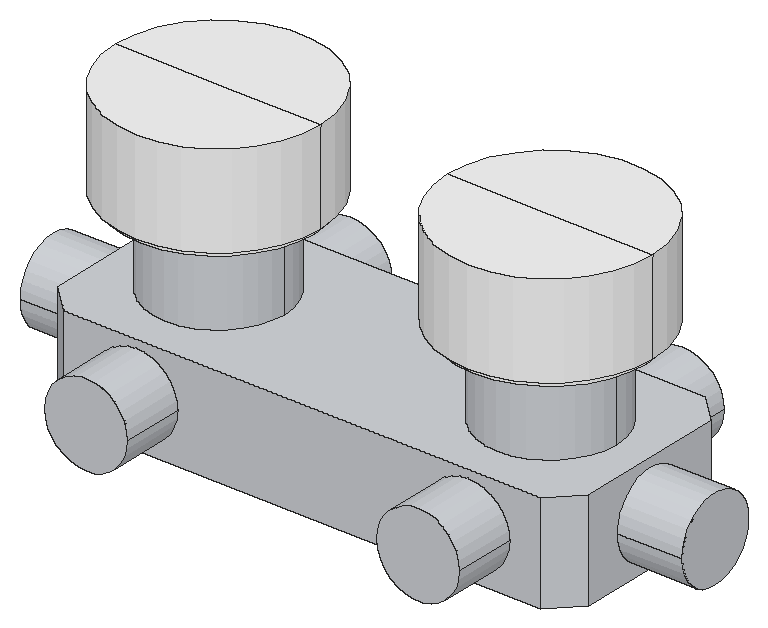
Revit family "Reece_Tap_Milli_Pure_Dual Mixer_Progressive_Wall Mount", category Plumbing Fixtures, host Face, Revit 2018
Family settings
  Host = Face
  Round Connector Dimension = Use Diameter
  Part Type = Normal
  Cut with Voids When Loaded = No
  Shared = Yes
  Room Calculation Point = Yes
Parameters (values of type "Chrome")
  WFU = 0  # constant formula
  URL = "https://www.reece.com.au/product/-2299001"
  Type Comments = "Tap"
  Reece_Tap_Inlet = 12 mm  # constant formula
  Reece_Product_Web Page = "https://www.reece.com.au/product/-2299001"
  Reece_Product_Type = "Tap"  # constant formula
  Reece_Product_Sub Brand = "Pure"  # constant formula
  Reece_Product_Number = "2299001"
  Reece_Product_Mount = "Wall Mounted"
  Reece_Product_Description = "Milli Pure Progressive Dual Mixer Tap System Chrome"
  Reece_Product_Brand = "Milli"  # constant formula
  Reece_Overall_Width = 62 mm  # constant formula
  Reece_Overall_Height = 30 mm  # constant formula
  Reece_Material-Main = Reece_Brass_Chrome
  Reece_Detail_Tap_Handle Texture = ""
  Reece_Detail_Installation = ""
  Reece_Detail_Disclaimer = "THIS FILE IS THE PROPERTY OF THE REECE GROUP. IT MAY NOT BE REPRODUCED, REVERSE-ENGINEERED OR MODIFIED. ANY REPUBLICATION, TRANSMISSION OR DISTRIBUTION FOR THE PURPOSE OF COMMERCIALLY EXPLOITING THE FILES IS PROHIBITED."  # constant formula
  Reece_Detail_Connector = ""
  Reece_Detail_Additional = ""
  Model = "Pure"
  Manufacturer = "Milli"
  Keynote = "Product #2299001, Reece_Tap_Milli_Pure_Dual Mixer_Progressive_Wall Mount - Chrome"
  HWFU = 0  # constant formula
  Disclaimer = "THIS FILE IS THE PROPERTY OF THE REECE GROUP. IT MAY NOT BE REPRODUCED, REVERSE-ENGINEERED OR MODIFIED. ANY REPUBLICATION, TRANSMISSION OR DISTRIBUTION FOR THE PURPOSE OF COMMERCIALLY EXPLOITING THE FILES IS PROHIBITED."  # constant formula
  Description = "Milli Pure Progressive Dual Mixer Tap System Chrome"
  Default Elevation = 1000 mm
  CWFU = 0  # constant formula
Types (7, lengths in mm): name | URL | Reece_Product_Web Page | Reece_Product_Number | Reece_Product_Description | Reece_Material-Main | Keynote | Description
  (no name) | "https://www.reece.com.au/product/-2299001" | "https://www.reece.com.au/product/-2299001" | "2299001" | "Milli Pure Progressive Dual Mixer Tap System Chrome" | Reece_Brass_Chrome | "Product #2299001, Reece_Tap_Milli_Pure_Dual Mixer_Progressive_Wall Mount -  " | "Milli Pure Progressive Dual Mixer Tap System Chrome"
  Brushed Gunmetal | "https://www.reece.com.au/product/-2299004" | "https://www.reece.com.au/product/-2299004" | "2299004" | "Milli Pure Progressive Dual Mixer Tap System Brushed Gunmetal" | Reece_Brass_Brushed Gunmetal | "Product #2299004, Reece_Tap_Milli_Pure_Dual Mixer_Progressive_Wall Mount - Brushed Gunmetal" | "Milli Pure Progressive Dual Mixer Tap System Brushed Gunmetal"
  Chrome | "https://www.reece.com.au/product/-2299001" | "https://www.reece.com.au/product/-2299001" | "2299001" | "Milli Pure Progressive Dual Mixer Tap System Chrome" | Reece_Brass_Chrome | "Product #2299001, Reece_Tap_Milli_Pure_Dual Mixer_Progressive_Wall Mount - Chrome" | "Milli Pure Progressive Dual Mixer Tap System Chrome"
  Matte Black | "https://www.reece.com.au/product/-2299002" | "https://www.reece.com.au/product/-2299002" | "2299002" | "Milli Pure Progressive Dual Mixer Tap System Matte Black" | Reece_Brass_Matte Black | "Product #2299002, Reece_Tap_Milli_Pure_Dual Mixer_Progressive_Wall Mount - Matte Black" | "Milli Pure Progressive Dual Mixer Tap System Matte Black"
  Brushed Nickel | "https://www.reece.com.au/product/-2299284" | "https://www.reece.com.au/product/-2299284" | "2299284" | "Milli Pure Progressive Dual Mixer Tap System Brushed Nickel" | Reece_Brass_Brushed Nickel | "Product #2299284, Reece_Tap_Milli_Pure_Dual Mixer_Progressive_Wall Mount - Brushed Nickel" | "Milli Pure Progressive Dual Mixer Tap System Brushed Nickel"
  PVD Brushed Bronze | "https://www.reece.com.au/product/-9511146" | "https://www.reece.com.au/product/-9511146" | "9511146" | "Milli Pure Progressive Dual Mixer Tap System PVD Brushed Bronze" | Reece_PVD_Brushed Bronze | "Product #9511146, Reece_Tap_Milli_Pure_Dual Mixer_Progressive_Wall Mount - PVD Brushed Bronze" | "Milli Pure Progressive Dual Mixer Tap System PVD Brushed Bronze"
  PVD Brushed Gold | "https://www.reece.com.au/product/-9510961" | "https://www.reece.com.au/product/-9510961" | "9510961" | "Milli Pure Progressive Dual Mixer Tap System PVD Brushed Gold" | Reece_PVD_Brushed Gold | "Product #9510961, Reece_Tap_Milli_Pure_Dual Mixer_Progressive_Wall Mount - PVD Brushed Gold" | "Milli Pure Progressive Dual Mixer Tap System PVD Brushed Gold"
Reference planes
  plane 1 "Center (Front/Back)": y = 0
  plane 2 "Bottom": z = 0
  plane 3 "Center (Left/Right)": x = 0
  plane 4 "Top": z = 30
  plane 5: y = -31
  plane 6: y = 31
Forms (mm)
  Revolve 1, solid, material "Reece_Brass_Chrome" <- "Reece_Material-Main"
    sketch origin (0, 0, 0) x (1, 0, 0) y (0, 0, 1)
      loop
        line (81, 30) -> (50, 30) -> (50, 0) -> (79, 0) -> (79, 2) -> (81, 2) -> (81, 30)
      axis (50, 0) -> (50, 30)
    angle from 0 to 360
  Extrusion 2, solid
    sketch origin (0, 0, 0) x (1, 0, 0) y (0, 1, 0)
      loop
        circle (50, 0) r 20
    from 0 to -25
  Extrusion 3, solid
    sketch origin (0, 0, 0) x (1, 0, 0) y (0, 1, 0)
      loop
        line (-71.853, 31) -> (-80, 22.853) -> (-80, -22.853) -> (-71.853, -31) -> (71.853, -31) -> (80, -22.853) -> (80, 22.853) -> (71.853, 31) -> (-71.853, 31)
    from -55 to -25
  Extrusion 4, solid
    sketch origin (33.5, 50, 0) x (0, -1, 0) y (0, 0, 1)
      loop
        circle (50, -40) r 12.5
    from -66.119 to -46.5
  Extrusion 5, void
    sketch origin (100, 0, 0) x (-1, 0, 0) y (0, -1, 0)
      loop
        circle (50, 0) r 25
    from 0 to -30
  Extrusion 6, solid
    sketch origin (66.5, 50, 0) x (0, -1, 0) y (0, 0, -1)
      loop
        circle (50, 40) r 12.5
    from -66.5 to -46.5
  Revolve 7, solid, material "Reece_Brass_Chrome" <- "Reece_Material-Main"
    sketch origin (0, 0, 0) x (-1, 0, 0) y (0, 0, 1)
      loop
        line (81, 30) -> (50, 30) -> (50, 0) -> (79, 0) -> (79, 2) -> (81, 2) -> (81, 30)
      axis (50, 0) -> (50, 30)
    angle from 0 to 360
  Extrusion 8, solid
    sketch origin (0, 0, 0) x (-1, 0, 0) y (0, -1, 0)
      loop
        circle (50, 0) r 20
    from 0 to -25
  Extrusion 9, solid
    sketch origin (-33.5, 50, 0) x (0, -1, 0) y (0, 0, -1)
      loop
        circle (50, 40) r 12.5
    from -66.119 to -46.5
  Extrusion 10, solid
    sketch origin (-66.5, 50, 0) x (0, -1, 0) y (0, 0, 1)
      loop
        circle (50, -40) r 12.5
    from -66.5 to -46.5
  Extrusion 11, solid
    sketch origin (0, -16.5, 0) x (1, 0, 0) y (0, 0, 1)
      loop
        circle (50, -40) r 12.5
    from -66.119 to -46.5
  Extrusion 12, solid
    sketch origin (0, -16.5, 0) x (-1, 0, 0) y (0, 0, -1)
      loop
        circle (50, 40) r 12.5
    from -66.119 to -46.5
  Extrusion 13, void
    sketch origin (-100, 0, 0) x (1, 0, 0) y (0, 1, 0)
      loop
        circle (50, 0) r 25
    from 0 to -30
  Extrusion 14, solid
    sketch origin (0, 0, 0) x (-1, 0, 0) y (0, -1, 0)
      loop
        circle (50, 0) r 20
    from 0 to -25
  Extrusion 15, solid
    sketch origin (0, 16.5, 0) x (1, 0, 0) y (0, 0, -1)
      loop
        circle (50, 40) r 12.5
    from -66.119 to -46.5
  Extrusion 16, solid
    sketch origin (0, 16.5, 0) x (-1, 0, 0) y (0, 0, 1)
      loop
        circle (50, -40) r 12.5
    from -66.119 to -46.5
Cuts and joins
  Extrusion 13 cuts Extrusion 2
  Extrusion 5, Extrusion 13 cuts Extrusion 4
  Extrusion 13 cuts Extrusion 6
  Extrusion 13 cuts Extrusion 9
  Extrusion 13 cuts Extrusion 10
  Extrusion 13 cuts Extrusion 11
  Extrusion 13 cuts Extrusion 12
  Extrusion 13 cuts Extrusion 14
  Extrusion 13 cuts Extrusion 15
  Extrusion 13 cuts Extrusion 16
  joined: Extrusion 2, Extrusion 3, Extrusion 4, Extrusion 6, Extrusion 8, Extrusion 9, Extrusion 10, Extrusion 11, Extrusion 12, Extrusion 14, Extrusion 15, Extrusion 16
  Extrusion 13 cuts Revolve 7
Text (mm)
  text "Reece Copyright © 2018, Reece Ltd." at (-1146.244, -273.583, 0), in view "Ref. Level"
  text "Reece ©" at (44.384, 258.95, 192.345), in view "Reece Preview"
Dimensions and locks
  "Reece_Overall_Width": plane 6 to plane 5
  "Reece_Overall_Height": plane 4 "Top" to plane 2 "Bottom"  (x2)
  equal spacing: plane 6, plane 1 "Center (Front/Back)", plane 5
  aligned and locked: plane 2 "Bottom" to host face
  aligned and locked: level to host face
Automatic sketch dimensions
  host sketch curve to host sketch curve = 380.785 mm
  host sketch curve to host sketch curve = 317.421 mm
  Revolve 1 sketch curve to plane 4 "Top" = 0 mm  (x2)
  Revolve 1 sketch curve to level = 0 mm
  plane 3 "Center (Left/Right)" to Revolve 1 sketch curve = 50 mm
  Revolve 1 sketch curve to Revolve 1 sketch curve = 29 mm
  Revolve 1 sketch curve to Revolve 1 sketch curve = 2 mm
  level to Revolve 1 sketch curve = 2 mm
  Revolve 1 sketch curve to Revolve 1 sketch curve = 0 mm
  plane 4 "Top" to Revolve 1 sketch curve = 10 mm
  Extrusion 2 sketch curve to Extrusion 2 sketch curve = 0 mm  (x2)
  plane 1 "Center (Front/Back)" to Extrusion 2 sketch curve = 0 mm
  plane 3 "Center (Left/Right)" to Extrusion 2 sketch curve = 50 mm
  Extrusion 2 sketch curve to Extrusion 2 sketch curve = 20 mm
  Extrusion 3 sketch curve to plane 6 = 0 mm
  plane 5 to Extrusion 3 sketch curve = 0 mm
  Extrusion 3 sketch curve to plane 5 = 8.147 mm  (x2)
  Extrusion 3 sketch curve to plane 3 "Center (Left/Right)" = 80 mm
  Extrusion 3 sketch curve to Extrusion 3 sketch curve = 8.147 mm  (x3)
  plane 3 "Center (Left/Right)" to Extrusion 3 sketch curve = 71.853 mm
  Extrusion 3 sketch curve to Extrusion 3 sketch curve = 0 mm
  Extrusion 3 sketch curve to plane 6 = 8.147 mm  (x2)
  Extrusion 4 sketch curve to plane 1 "Center (Front/Back)" = 0 mm
  Extrusion 4 sketch curve to level = 40 mm
  Extrusion 5 sketch curve to Extrusion 5 sketch curve = 0 mm  (x2)
  plane 1 "Center (Front/Back)" to Extrusion 5 sketch curve = 0 mm
  Extrusion 5 sketch curve to plane 3 "Center (Left/Right)" = 50 mm
  Extrusion 5 sketch curve to Extrusion 5 sketch curve = 25 mm
  Extrusion 6 sketch curve to plane 1 "Center (Front/Back)" = 0 mm
  Extrusion 6 sketch curve to level = 40 mm
  Revolve 7 sketch curve to plane 4 "Top" = 0 mm  (x2)
  Revolve 7 sketch curve to level = 0 mm
  plane 3 "Center (Left/Right)" to Revolve 7 sketch curve = 50 mm
  Revolve 7 sketch curve to Revolve 7 sketch curve = 29 mm
  Revolve 7 sketch curve to Revolve 7 sketch curve = 2 mm
  Revolve 7 sketch curve to level = 2 mm
  Revolve 7 sketch curve to Revolve 7 sketch curve = 0 mm
  Revolve 7 sketch curve to plane 4 "Top" = 10 mm
  Extrusion 8 sketch curve to Extrusion 8 sketch curve = 0 mm  (x2)
  plane 1 "Center (Front/Back)" to Extrusion 8 sketch curve = 0 mm
  plane 3 "Center (Left/Right)" to Extrusion 8 sketch curve = 50 mm
  Extrusion 8 sketch curve to Extrusion 8 sketch curve = 20 mm
  Extrusion 9 sketch curve to plane 1 "Center (Front/Back)" = 0 mm
  Extrusion 9 sketch curve to level = 40 mm
  Extrusion 10 sketch curve to plane 1 "Center (Front/Back)" = 0 mm
  Extrusion 10 sketch curve to level = 40 mm
  plane 3 "Center (Left/Right)" to Extrusion 11 sketch curve = 50 mm
  Extrusion 11 sketch curve to level = 40 mm
  Extrusion 12 sketch curve to plane 3 "Center (Left/Right)" = 50 mm
  Extrusion 12 sketch curve to level = 40 mm
  Extrusion 13 sketch curve to Extrusion 13 sketch curve = 0 mm  (x2)
  plane 1 "Center (Front/Back)" to Extrusion 13 sketch curve = 0 mm
  Extrusion 13 sketch curve to plane 3 "Center (Left/Right)" = 50 mm
  Extrusion 13 sketch curve to Extrusion 13 sketch curve = 25 mm
  Extrusion 14 sketch curve to Extrusion 14 sketch curve = 0 mm  (x2)
  plane 1 "Center (Front/Back)" to Extrusion 14 sketch curve = 0 mm
  plane 3 "Center (Left/Right)" to Extrusion 14 sketch curve = 50 mm
  Extrusion 14 sketch curve to Extrusion 14 sketch curve = 20 mm
  plane 3 "Center (Left/Right)" to Extrusion 15 sketch curve = 50 mm
  Extrusion 15 sketch curve to level = 40 mm
  Extrusion 16 sketch curve to plane 3 "Center (Left/Right)" = 50 mm
  Extrusion 16 sketch curve to level = 40 mm
  radius of Extrusion 4 sketch curve = 12.5 mm
  radius of Extrusion 6 sketch curve = 12.5 mm
  radius of Extrusion 9 sketch curve = 12.5 mm
  radius of Extrusion 10 sketch curve = 12.5 mm
  radius of Extrusion 11 sketch curve = 12.5 mm
  radius of Extrusion 12 sketch curve = 12.5 mm
  radius of Extrusion 15 sketch curve = 12.5 mm
  radius of Extrusion 16 sketch curve = 12.5 mm
Connectors
  piping at (99.619, 0, -40), diameter 12, driven by "Reece_Tap_Inlet"
    settings: on cut or joined group of Extrusion 2, Extrusion 3, Extrusion 4, Extrusion 5, Extrusion 6, Extrusion 8, Extrusion 9, Extrusion 10, Extrusion 11, Extrusion 12, Extrusion 13, Extrusion 14, Extrusion 15, Extrusion 16, index 2, connector inside diameter 609.6 mm, connector length 0 mm, flow factor 0, pipe flow 0.0 L/s, pressure drop 0.0 Pa, fitting loss kfactor 0, connector angle 0.00°, fixture units 0, engagement length 0 mm, angle of deflection 0.00°, flow configuration 0, flow direction 1, fitting loss method 0, system type 29, joint type 0, gender type 0, connector reference index -1, connector utility 0, adjustable connector no, is connector primary yes, connector description ""
  piping at (-99.619, 0, -40), diameter 12, driven by "Reece_Tap_Inlet"
    settings: on Extrusion 9, index 6, connector inside diameter 609.6 mm, connector length 0 mm, flow factor 0, pipe flow 0.0 L/s, pressure drop 0.0 Pa, fitting loss kfactor 0, connector angle 0.00°, fixture units 0, engagement length 0 mm, angle of deflection 0.00°, flow configuration 0, flow direction 1, fitting loss method 0, system type 29, joint type 0, gender type 0, connector reference index -1, connector utility 0, adjustable connector no, is connector primary no, connector description ""
  piping at (-50, 49.619, -40), diameter 12, driven by "Reece_Tap_Inlet"
    settings: on Extrusion 12, index 7, connector inside diameter 609.6 mm, connector length 0 mm, flow factor 0, pipe flow 0.0 L/s, pressure drop 0.0 Pa, fitting loss kfactor 0, connector angle 0.00°, fixture units 0, engagement length 0 mm, angle of deflection 0.00°, flow configuration 0, flow direction 1, fitting loss method 0, system type 29, joint type 0, gender type 0, connector reference index -1, connector utility 0, adjustable connector no, is connector primary no, connector description ""
  piping at (50, 49.619, -40), diameter 12, driven by "Reece_Tap_Inlet"
    settings: on Extrusion 11, index 8, connector inside diameter 609.6 mm, connector length 0 mm, flow factor 0, pipe flow 0.0 L/s, pressure drop 0.0 Pa, fitting loss kfactor 0, connector angle 0.00°, fixture units 0, engagement length 0 mm, angle of deflection 0.00°, flow configuration 0, flow direction 1, fitting loss method 0, system type 29, joint type 0, gender type 0, connector reference index -1, connector utility 0, adjustable connector no, is connector primary no, connector description ""
  piping at (-50, -49.619, -40), diameter 12, driven by "Reece_Tap_Inlet"
    settings: on Extrusion 16, index 9, connector inside diameter 609.6 mm, connector length 0 mm, flow factor 0, pipe flow 0.0 L/s, pressure drop 0.0 Pa, fitting loss kfactor 0, connector angle 0.00°, fixture units 0, engagement length 0 mm, angle of deflection 0.00°, flow configuration 0, flow direction 2, fitting loss method 0, system type 29, joint type 0, gender type 0, connector reference index -1, connector utility 0, adjustable connector no, is connector primary no, connector description ""
  piping at (50, -49.619, -40), diameter 12, driven by "Reece_Tap_Inlet"
    settings: on Extrusion 15, index 10, connector inside diameter 609.6 mm, connector length 0 mm, flow factor 0, pipe flow 0.0 L/s, pressure drop 0.0 Pa, fitting loss kfactor 0, connector angle 0.00°, fixture units 0, engagement length 0 mm, angle of deflection 0.00°, flow configuration 0, flow direction 2, fitting loss method 0, system type 29, joint type 0, gender type 0, connector reference index -1, connector utility 0, adjustable connector no, is connector primary no, connector description ""
